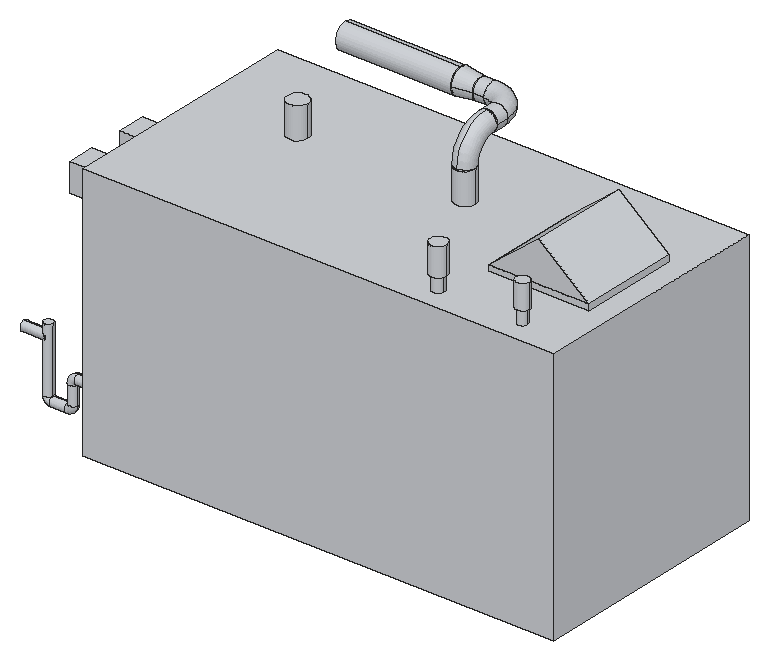
Revit family "AMP_BFIT 1500 Boiler Dual Fuel", category Mechanical Equipment, Revit 2019
Family settings
  Round Connector Dimension = Use Diameter
  Part Type = Normal
  OmniClass Number = 23.75.00.00
  OmniClass Title = Climate Control (HVAC)
  Work Plane-Based = No
  Always vertical = Yes
  Cut with Voids When Loaded = No
  Shared = No
  Room Calculation Point = No
Parameters (values of type "AMP/BFIT 1500 Boiler Dual Fuel")
  Width = 34 1/4"
  Length = 66 1/8"
  Height = 36 1/8"
  Voltage = ""
  Vent = "8\" EZ Vent"
  Manufacturer = "Bryan Steam"  # constant formula
  Hydronic Supply = "3\" Victaulic"
  Hydronic Return = "2-1/2\" Victaulic"
  Gas Train (Propane) = "1\" NPT"
  Gas Train (Natural Gas) = "1-1/4\" NPT"
  Condensate Trap = "1\" Pipe"
  Boiler Drain = "3/4\" NPT"
  Air Supply = "8\""
Reference planes
  plane 1 "Center (Front/Back)": y = 0
  plane 2: z = 0
  plane 3 "Center (Left/Right)": x = 0
  plane 4 "Vent": y = 95.25
  plane 5 "Condensate Trap": y = -304.8
  plane 6 "Supply 2.5" Victualic Elbow Style 10": x = 100.902
  plane 7 "3" Supply Manifold": z = 1127.125
  plane 8 "3" Supply Elbow Victaulic Style 10": y = 327.025
Forms (mm)
  Extrusion 1, solid
    sketch origin (0, 0, 0) x (1, 0, 0) y (0, 1, 0)
      loop
        line (-839.787, 434.975) -> (-839.787, -434.975) -> (839.788, -434.975) -> (839.788, 434.975) -> (-839.787, 434.975)
    from 0 to 917.575
  Extrusion 2, solid
    sketch origin (0, 0, 917.575) x (1, 0, 0) y (0, 1, 0)
      loop
        line (405.549, 174.625) -> (405.549, -180.975) -> (763.588, -180.975) -> (763.588, 174.625) -> (405.549, 174.625)
    from 0 to 21.63
  Extrusion 3, solid
    sketch origin (763.588, -180.975, 917.575) x (-1, 0, 0) y (0, 0, -1)
      loop
        line (358.038, -21.63) -> (0, -21.63) -> (179.019, -167.063) -> (358.038, -21.63)
    from 0 to -355.6
  Extrusion 4, solid
    sketch origin (0, 0, 917.575) x (1, 0, 0) y (0, 1, 0)
      loop
        circle (-496.887, 95.25) r 36.513
      loop
        circle (100.902, 95.25) r 36.513
    from 0 to 111.125
  Extrusion 5, solid
    sketch origin (-839.787, -434.975, 0) x (0, 1, 0) y (0, 0, -1)
      loop
        circle (714.375, -257.175) r 100.013
      loop
        circle (714.375, -257.175) r 94.456
    from 0 to 28.575
  Sweep 6, solid
    path origin (0, -304.8, 0) x (-1, 0, 0) y (0, 0, 1)
      loop
        line (839.787, 146.406) -> (960.793, 146.406)
        arc (960.793, 146.406) -> (973.15, 141.287) -> (978.268, 128.93) r 17.475
        line (978.268, 128.93) -> (978.268, 62.281)
        arc (978.268, 62.281) -> (983.387, 49.924) -> (995.743, 44.806) r 17.475
        line (995.743, 44.806) -> (1049.706, 44.806)
        arc (1049.706, 44.806) -> (1062.054, 49.92) -> (1067.168, 62.268) r 17.463
        line (1067.168, 62.268) -> (1067.168, 292.456)
    profile origin (-900.29, -304.8, 146.406) x (0, 0, 1) y (0, 1, 0)
      loop
        circle (0, 0) r 16.701
  Revolve 7, solid
    sketch origin (0, -304.8, 0) x (-1, 0, 0) y (0, 0, 1)
      loop
        line (1154.112, 250.825) -> (1154.112, 267.526) -> (1066.8, 267.526) -> (1066.8, 250.825) -> (1154.112, 250.825)
      axis (1066.8, 250.825) -> (1154.112, 250.825)
    angle from 0 to 360
  Sweep 8, solid
    path origin (100.902, 0, 0) x (0, 1, 0) y (0, 0, 1)
      loop
        line (94.688, 1028.7) -> (94.688, 1032.51)
        arc (94.688, 1032.51) -> (122.586, 1099.862) -> (189.938, 1127.76) r 95.25
        line (189.938, 1127.76) -> (193.748, 1127.76)
    profile origin (100.902, 94.688, 1030.605) x (0, -1, 0) y (1, 0, 0)
      loop
        circle (0, 0) r 36.05
  Sweep 9, solid
    path origin (0, 0, 1127.125) x (1, 0, 0) y (0, 1, 0)
      loop
        line (100.902, 193.748) -> (100.902, 238.198)
        arc (100.902, 238.198) -> (74.863, 301.059) -> (12.002, 327.098) r 88.9
        line (12.002, 327.098) -> (-29.273, 327.098)
    profile origin (100.902, 215.973, 1127.125) x (-1, 0, 0) y (0, 0, 1)
      loop
        circle (0, 0) r 36.314
  SweptBlend 10, solid
    path origin (0, 0, 1127.125) x (1, 0, 0) y (0, 1, 0)
      loop
        line (-29.273, 323.923) -> (-100.393, 323.923)
    profile origin (-29.273, 323.923, 1127.125) x (0, -1, 0) y (0, 0, 1)
      loop
        circle (-3.175, 0) r 36.314
    end profile origin (-100.393, 323.923, 1127.125) x (0, -1, 0) y (0, 0, 1)
      loop
        circle (-3.175, 0) r 44.45
  Extrusion 11, solid
    sketch origin (-100.393, 327.098, 1127.125) x (0, 0, -1) y (0, -1, 0)
      loop
        circle (0, -0.065) r 44.513
    from 0 to 411.46
  Extrusion 12, solid
    sketch origin (-839.787, -434.975, 0) x (0, 1, 0) y (0, 0, -1)
      loop
        line (345.313, -912.813) -> (345.313, -811.213) -> (243.713, -811.213) -> (243.713, -912.813) -> (345.313, -912.813)
      loop
        line (119.888, -912.8) -> (119.888, -811.2) -> (18.288, -811.2) -> (18.288, -912.8) -> (119.888, -912.8)
    from 0 to 63.004
  Revolve 13, solid
    sketch origin (0, 95.25, 0) x (-1, 0, 0) y (0, 0, 1)
      loop
        line (1001.712, 612.775) -> (996.369, 714.743) -> (812.471, 705.105) -> (817.815, 603.137) -> (1001.712, 612.775)
      axis (817.815, 603.137) -> (1001.712, 612.775)
    angle from 0 to 360
  Extrusion 14, solid
    sketch origin (-839.787, -434.975, 0) x (0, 1, 0) y (0, 0, -1)
      loop
        circle (530.225, -815.975) r 13.335
    from 0 to 28.575
  Extrusion 15, solid
    sketch origin (0, 0, 917.575) x (1, 0, 0) y (0, 1, 0)
      loop
        circle (360.363, -349.25) r 21.082
    from 0 to 53.975
  Extrusion 16, solid
    sketch origin (0, 0, 971.55) x (1, 0, 0) y (0, 1, 0)
      loop
        circle (360.363, -349.25) r 30.163
    from 0 to 98.425
  Extrusion 17, solid
    sketch origin (-868.362, -434.975, 0) x (0, 1, 0) y (0, 0, -1)
      loop
        circle (530.225, -815.975) r 19.05
    from 0 to 60.325
  Extrusion 18, solid
    sketch origin (0, 0, 917.575) x (1, 0, 0) y (0, 1, 0)
      loop
        circle (661.988, -349.25) r 16.701
    from 0 to 50.8
  Extrusion 19, solid
    sketch origin (0, 0, 968.375) x (1, 0, 0) y (0, 1, 0)
      loop
        circle (661.988, -349.25) r 23.812
    from 0 to 85.725
Dimensions and locks
  "Height": Extrusion 1 to level
  equal spacing: Extrusion 1 sketch curve, plane 3 "Center (Left/Right)", Extrusion 1 sketch curve
  "Length": Extrusion 1 sketch curve to Extrusion 1 sketch curve
  equal spacing: Extrusion 1 sketch curve, plane 1 "Center (Front/Back)", Extrusion 1 sketch curve
  "Width": Extrusion 1 sketch curve to Extrusion 1 sketch curve
  Extrusion 2 sketch curve to Extrusion 1 = 3"
  locked: Extrusion 2 sketch curve to Extrusion 2 sketch curve at 358.038
  locked: Extrusion 2 sketch curve to Extrusion 2 sketch curve at 355.6
  locked: Extrusion 2 sketch curve to Extrusion 1 at 254
  locked: Extrusion 1 to Extrusion 4 sketch curve at 339.725  (x2)
  equal spacing: Extrusion 1, Extrusion 4 sketch curve, Extrusion 4 sketch curve
  Extrusion 4 sketch curve to Extrusion 4 sketch curve = 23.535"
  locked: Extrusion 1 to Extrusion 5 sketch curve at 257.175
  Extrusion 1 to Extrusion 5 sketch curve = 6 1/8"
  locked: Sweep 8 sketch curve to Sweep 8 sketch curve at 99.06  (x2)
  locked: level to plane 7 "3" Supply Manifold" at 1127.125
  Sweep 9 sketch curve to Sweep 8 = 5 1/4"
  Sweep 9 sketch curve to Sweep 9 sketch curve = 5 1/8"
  locked: SweptBlend 10 sketch curve to SweptBlend 10 sketch curve at 71.12
  SweptBlend 10 sketch curve to Sweep 9 = 0"
  plane 3 "Center (Left/Right)" to plane 6 "Supply 2.5" Victualic Elbow Style 10" = 3.9725"
  locked: plane 8 "3" Supply Elbow Victaulic Style 10" to plane 1 "Center (Front/Back)" at 327.025
  locked: plane 4 "Vent" to plane 1 "Center (Front/Back)" at 95.25
  locked: plane 5 "Condensate Trap" to plane 1 "Center (Front/Back)" at 304.8
  locked: Sweep 6 sketch curve to Sweep 6 sketch curve at 88.9
  locked: Sweep 6 sketch curve to Sweep 6 sketch curve at 247.65
  locked: Revolve 7 sketch curve to Revolve 7 sketch curve at 87.313
  locked: Extrusion 12 sketch curve to Extrusion 12 sketch curve at 101.6  (x4)
  locked: Revolve 13 sketch curve to Revolve 13 sketch curve at 102.108
  locked: Revolve 7 sketch curve to Revolve 7 sketch curve at 16.701
  Extrusion 1 to Extrusion 14 sketch curve = 32 1/8"
  Extrusion 1 to Extrusion 14 sketch curve = 13 3/8"
  locked: Extrusion 1 to Extrusion 15 sketch curve at 85.725
  locked: Extrusion 15 sketch curve to Extrusion 1 at 479.425
  locked: Extrusion 1 to Extrusion 16 sketch curve at 85.725
  locked: Extrusion 16 sketch curve to Extrusion 1 at 479.425
  locked: Extrusion 1 to Extrusion 17 sketch curve at 101.6
  locked: Extrusion 1 to Extrusion 17 sketch curve at 339.725
  locked: Extrusion 1 to Extrusion 18 sketch curve at 85.725
  locked: Extrusion 18 sketch curve to Extrusion 1 at 177.8
  locked: Extrusion 1 to Extrusion 19 sketch curve at 85.725
  locked: Extrusion 19 sketch curve to Extrusion 1 at 177.8
  diameter of Extrusion 5 sketch curve = 7 7/16"
  diameter of Extrusion 5 sketch curve = 7 7/8"
  diameter of Extrusion 15 sketch curve = 1.66"
  diameter of Extrusion 16 sketch curve = 2 3/8"
  diameter of Extrusion 17 sketch curve = 1 1/2"
  diameter of Extrusion 18 sketch curve = 1.315"
  diameter of Extrusion 19 sketch curve = 1 7/8"
  aligned and locked: level to plane 2
Automatic sketch dimensions
  Extrusion 3 sketch curve to Extrusion 2 = 0"  (x3)
  Extrusion 3 sketch curve to Extrusion 2 = 7.048"
  Extrusion 3 sketch curve to Extrusion 2 = 5.72571"
  Extrusion 5 sketch curve to Extrusion 5 sketch curve = 0"  (x2)
  Sweep 6 sketch curve to plane 5 "Condensate Trap" = 0"
  profile plane to Sweep 6 sketch curve = 0"
  Sweep 6 sketch curve to Sweep 6 sketch curve = 0.688"  (x2)
  Sweep 6 sketch curve to Sweep 6 sketch curve = 11/16"
  Sweep 6 sketch curve to Sweep 6 sketch curve = 2.624"
  Sweep 6 sketch curve to Sweep 6 sketch curve = 4.764"
  Sweep 8 sketch curve to plane 4 "Vent" = 0.02214"
  plane 4 "Vent" to Sweep 8 sketch curve = 3.72786"
  Sweep 8 sketch curve to plane 6 "Supply 2.5" Victualic Elbow Style 10" = 0"
  Sweep 8 sketch curve to profile plane = 0"
  Sweep 9 sketch curve to plane 6 "Supply 2.5" Victualic Elbow Style 10" = 0"
  Sweep 9 sketch curve to Sweep 9 sketch curve = 1 5/8"
  Sweep 9 sketch curve to Sweep 9 sketch curve = 1 3/4"
  Sweep 9 sketch curve to plane 7 "3" Supply Manifold" = 0"
  Sweep 9 sketch curve to profile plane = 0"
  plane 4 "Vent" to SweptBlend 10 sketch curve = 9.00286"
  SweptBlend 10 sketch curve to plane 7 "3" Supply Manifold" = 0"  (x2)
  profile plane to SweptBlend 10 sketch curve = 1/8"  (x2)
  Revolve 7 sketch curve to Revolve 7 sketch curve = 0.2025"
  Revolve 7 sketch curve to Revolve 7 sketch curve = 2.453"
  Revolve 13 sketch curve to Revolve 13 sketch curve = 0.37944"
  Revolve 13 sketch curve to Revolve 13 sketch curve = 0"  (x2)
  Extrusion 4 sketch curve to Extrusion 1 = 13 1/2"
  level to Sweep 6 sketch curve = 5.764"
  Sweep 6 sketch curve to plane 3 "Center (Left/Right)" = 37.8265"
  level to Revolve 7 sketch curve = 10.5325"
  Revolve 7 sketch curve to plane 3 "Center (Left/Right)" = 42"
  Revolve 7 sketch curve to Revolve 7 sketch curve = 0"
  Sweep 8 sketch curve to plane 7 "3" Supply Manifold" = 3.725"
  Extrusion 1 to Extrusion 12 sketch curve = 0.188"
  Extrusion 12 sketch curve to Extrusion 1 = 0.72"
  Extrusion 1 to Extrusion 12 sketch curve = 3/16"
  Extrusion 12 sketch curve to Extrusion 12 sketch curve = 4 7/8"
  Revolve 13 sketch curve to plane 3 "Center (Left/Right)" = 31.98705"
  Revolve 13 sketch curve to plane 7 "3" Supply Manifold" = 20.62944"
  Revolve 13 sketch curve to Revolve 13 sketch curve = 0.21039"
  Revolve 13 sketch curve to plane 7 "3" Supply Manifold" = 21.07429"
  radius of Sweep 6 sketch curve = 0.6575"
  radius of Sweep 8 sketch curve = 1.41931"
  radius of Sweep 9 sketch curve = 1 55/128"
  radius of Extrusion 11 sketch curve = 1.75249"
  radius of SweptBlend 10 sketch curve = 1 55/128"
  radius of SweptBlend 10 sketch curve = 1 3/4"
  radius of Extrusion 4 sketch curve = 1 7/16"  (x2)
  radius of Extrusion 14 sketch curve = 0.525"
Connectors
  piping at (-496.887, 95.25, 1028.7), diameter 63.5
    settings: on Extrusion 4, index 2, connector inside diameter 24", connector length 0", flow factor 0, pipe flow 0 GPM, pressure drop 0.00 psi, fitting loss kfactor 0, connector angle 0.00°, fixture units 0, engagement length 0", angle of deflection 0.00°, flow configuration 0, flow direction 1, fitting loss method 0, system type 8, joint type 0, gender type 0, connector reference index -1, connector utility 0, adjustable connector no, is connector primary yes, connector description ""
  piping at (-868.362, 279.4, 257.175), diameter 203.2
    settings: on Extrusion 5, index 4, connector inside diameter 24", connector length 0", flow factor 0, pipe flow 0 GPM, pressure drop 0.00 psi, fitting loss kfactor 0, connector angle 0.00°, fixture units 0, engagement length 0", angle of deflection 0.00°, flow configuration 0, flow direction 1, fitting loss method 0, system type 22, joint type 0, gender type 0, connector reference index -1, connector utility 0, adjustable connector no, is connector primary no, connector description ""
  piping at (-1001.712, 95.25, 612.775), diameter 203.2
    settings: on Revolve 13, index 5, connector inside diameter 24", connector length 0", flow factor 0, pipe flow 0 GPM, pressure drop 0.00 psi, fitting loss kfactor 0, connector angle 0.00°, fixture units 0, engagement length 0", angle of deflection 0.00°, flow configuration 0, flow direction 2, fitting loss method 0, system type 17, joint type 0, gender type 0, connector reference index -1, connector utility 0, adjustable connector no, is connector primary no, connector description ""
  piping at (-1154.112, -304.8, 250.825), diameter 25.4
    settings: on Revolve 7, index 6, connector inside diameter 24", connector length 0", flow factor 0, pipe flow 0 GPM, pressure drop 0.00 psi, fitting loss kfactor 0, connector angle 0.00°, fixture units 0, engagement length 0", angle of deflection 0.00°, flow configuration 0, flow direction 2, fitting loss method 0, system type 22, joint type 0, gender type 0, connector reference index -1, connector utility 0, adjustable connector no, is connector primary no, connector description ""
  piping at (-511.854, 327.162, 1127.125), diameter 76.2
    settings: on Extrusion 11, index 8, connector inside diameter 24", connector length 0", flow factor 0, pipe flow 0 GPM, pressure drop 0.00 psi, fitting loss kfactor 0, connector angle 0.00°, fixture units 0, engagement length 0", angle of deflection 0.00°, flow configuration 0, flow direction 2, fitting loss method 0, system type 7, joint type 0, gender type 0, connector reference index -1, connector utility 0, adjustable connector no, is connector primary no, connector description ""
  piping at (360.363, -349.25, 1069.975), diameter 31.75
    settings: on Extrusion 16, index 10, connector inside diameter 24", connector length 0", flow factor 0, pipe flow 0 GPM, pressure drop 0.00 psi, fitting loss kfactor 0, connector angle 0.00°, fixture units 0, engagement length 0", angle of deflection 0.00°, flow configuration 0, flow direction 1, fitting loss method 0, system type 22, joint type 0, gender type 0, connector reference index -1, connector utility 0, adjustable connector no, is connector primary no, connector description ""
  piping at (-928.687, 95.25, 815.975), diameter 19.05
    settings: on Extrusion 17, index 11, connector inside diameter 24", connector length 0", flow factor 0, pipe flow 0 GPM, pressure drop 0.00 psi, fitting loss kfactor 0, connector angle 0.00°, fixture units 0, engagement length 0", angle of deflection 0.00°, flow configuration 0, flow direction 2, fitting loss method 0, system type 22, joint type 0, gender type 0, connector reference index -1, connector utility 0, adjustable connector no, is connector primary no, connector description ""
  piping at (661.988, -349.25, 1054.1), diameter 25.4
    settings: on Extrusion 19, index 12, connector inside diameter 24", connector length 0", flow factor 0, pipe flow 0 GPM, pressure drop 0.00 psi, fitting loss kfactor 0, connector angle 0.00°, fixture units 0, engagement length 0", angle of deflection 0.00°, flow configuration 0, flow direction 1, fitting loss method 0, system type 22, joint type 0, gender type 0, connector reference index -1, connector utility 0, adjustable connector no, is connector primary no, connector description ""
